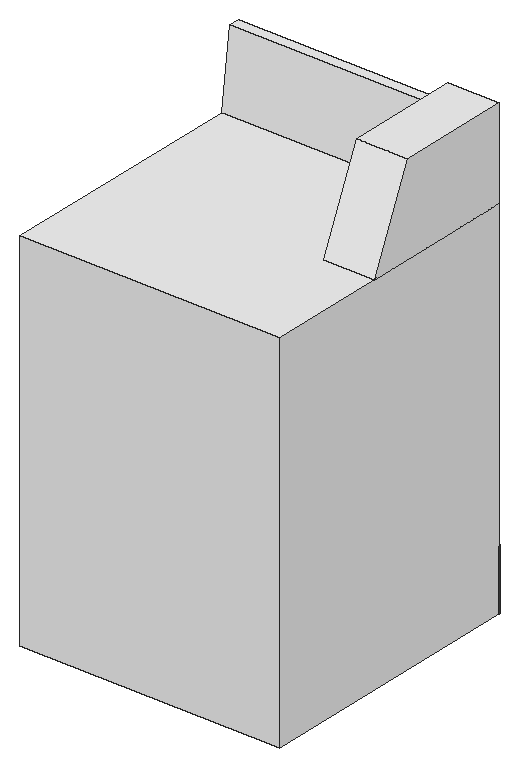
Revit family "_Front Washer", category Mechanical Equipment, Revit 2018
Family settings
  Round Connector Dimension = Use Radius
  Part Type = Normal
  OmniClass Number = 23.45.70.11.14.11
  OmniClass Title = Washing Machines
  Work Plane-Based = No
  Always vertical = Yes
  Cut with Voids When Loaded = No
  Shared = No
  Room Calculation Point = No
Parameters (values of type "MAT12PD")
  Water_Pressure = "0"
  Water_Flow_Rate = "0"
  Warranty Duration (Years) = 0
  Three Phase = 0 VA
  Single Phase = 0 VA
  VOLTAGE = 240 V
  URL = "http://www.continentalgirbau.com"
  Trim Material = Painted Metal - Black
  Test Data = ""
  Specification = "http://www.arcat.com/sd/clients/cogirbau.html?coid=44467"
  SpecWizard = "http://www.arcat.com/specwizard/11110con/index.htm?mf=&coid=44467"
  Shell Material = Stainless Steel
  Send Message = "http://admin.arcat.com/users.pl?action=UserEmail&company=Continental%20Girbau,%20Inc.&coid=44467&rep=132&fax=920-231-4666 &mf="
  Sales Information = ""
  Product Properties = "http://www.arcat.com/bim/bim_info.pl?fn=Commercial_Washer"
  Product Data = "http://www.arcat.com/arcatcos/cos44/arc44467.html"
  Perf_WashSpeed = "44/67 rpm"
  Perf_SpinSpeed = "710/473 rpm"
  Perf_G-Force = "2.3/93 G"
  OpeningCL = DoorOpening / 2  # 7 7/8"
  Model = "H-Series"
  Mech_steam = 1/2"
  Mech_Steam-Pressure = "29-87 psi"
  Mech_Steam-Flow = "0"
  Mech_HW = 3/8"
  Mech_CW = 3/8"
  MechWaste = 3/8"
  Manufacturer Website = "http://www.continentalgirbau.com"
  Manufacturer Phone - Toll Free = "800-256-1073 "
  Manufacturer Phone = "920-231-8222 "
  Manufacturer Fax = "920-231-4666 "
  Manufacturer Address = "2500 State Rd. 44; Oshkosh; WI 54904\r\n"
  Manufacturer = "Continental Girbau, Inc.\r\n"
  Maintenance Schedule (Months) = 0
  MachWidth = 25 1/2"
  MachHeight = 36"
  MachDepth = 26 3/4"
  LwrPanHt = MachHeight / 3  # 12"
  Keynote = "11 23 00"
  Installation-Fabrication = ""
  Installation Phase = "Interior Fittings"
  InstWidth = 19 69/256"
  Height of Back Panel = 43 1/4"
  Height at Coin Insert = 44 7/8"
  Green Building-LEED = "http://www.arcat.com/green/clients/leed_data_44467.html"
  GlassCL = OpeningCL - 2"  # 5 7/8"
  Fr_FaceWdth = MachWidth / 6  # 4 1/4"
  Expected Lifespan (Years) = 0
  Drawn By = "Robert S. Weygant, CSI, CDT, SCIP"
  DoorOpening = 15 3/4"
  DoorHeight = 18"
  Description = "Commercial Washer"
  Cyl_Diam = CylRad * 2  # 12"
  Cyl_Depth = 21"
  CylRad = 6"
  Copyright = "2009, ARCAT, Inc."  # constant formula
  Construction Details = "http://www.arcat.com/details/cogirbau/cogirbau.html?coid=44467"
  Compressed_Air_Pressure = "0"
  Compressed_Air_Flow = "0"
  Compressed_Air_Connection = 2"
  Capacity_Weight = 55
  Capacity_Volume = (3.1416 * (CylRad ^ 2)) * Cyl_Depth  # 0.03892 m³
  Building Codes = ""
  Assembly Code = "E1010610"
Types (3): name | VOLTAGE | Mech_HW | Mech_CW | MechWaste | MachWidth | MachDepth | Height of Back Panel | Height at Coin Insert | Fr_FaceWdth
  (no name) | 240 V | 3/8" | 3/8" | 3/8" | 25 1/2" | 26 3/4" | 43 1/4" | 44 7/8" | 4 1/4"
  MAH21PD & MAH20PD | 120 V | 3/4" | 3/4" | 3/4" | 27" | 28 1/4" | 41 3/4" | 44 1/8" | 4 1/2"
  MAT12PD | 240 V | 3/8" | 3/8" | 3/8" | 25 1/2" | 26 3/4" | 43 1/4" | 44 7/8" | 4 1/4"
Reference planes (in)
  plane 1 "Front": y = 0
  plane 2: z = 0
  plane 3 "Center (Left/Right)": x = 4.36029
  plane 4: x = -8.38971
  plane 5: x = 17.11029
  plane 6: y = 26.75
  plane 7: z = 36
  plane 8: z = 25.875
  plane 9: z = 18
  plane 10 "DoorFront": y = 2
  plane 11: y = 23
  plane 12: z = 43.25
  plane 13: z = 44.875
Forms (in)
  Extrusion 1, solid, material "Stainless Steel" <- "Shell Material"
    sketch origin (0, 0, 0) x (1, 0, 0) y (0, 1, 0)
      loop
        line (-8.38971, 0) -> (17.11029, 0) -> (17.11029, 26.75) -> (-8.38971, 26.75) -> (-8.38971, 0)
    from 0 to 36
  Extrusion 2, solid, material "Painted Metal - Black"
    sketch origin (-60, 26.75, 48) x (-1, 0, 0) y (0, 0, 1)
      loop
        line (-77.11029, -48) -> (-71.11029, -48) -> (-71.11029, -42) -> (-77.11029, -42) -> (-77.11029, -48)
    from 0.125 to 0
  Extrusion 3, solid, material "Painted Metal - Black"
    sketch origin (-60, 26.75, 48) x (-1, 0, 0) y (0, 0, 1)
      loop
        line (-67.36029, -30) -> (-67.36029, -36) -> (-61.36029, -36) -> (-61.36029, -30) -> (-67.36029, -30)
    from 0.125 to 0
  Extrusion 4, solid, material "Painted Metal - Black"
    sketch origin (-60, 26.75, 48) x (-1, 0, 0) y (0, 0, 1)
      loop
        line (-71.17279, -13) -> (-71.17279, -19) -> (-65.17279, -19) -> (-65.17279, -13) -> (-71.17279, -13)
    from 0.125 to 0
  Extrusion 5, solid, material "Painted Metal - Black"
    sketch origin (-60, 26.75, 48) x (-1, 0, 0) y (0, 0, 1)
      loop
        line (-61.17279, -13) -> (-61.17279, -19) -> (-55.17279, -19) -> (-55.17279, -13) -> (-61.17279, -13)
    from 0.125 to 0
  Extrusion 6, solid, material "Stainless Steel" <- "Shell Material"
    sketch origin (4.36029, 0, 0) x (0, 1, 0) y (0, 0, 1)
      loop
        line (26.75, 36) -> (26.75, 43.25) -> (25.65625, 43.25) -> (24.75, 36) -> (26.75, 36)
    from -12.75 to 12.75
  Extrusion 7, solid, material "Stainless Steel" <- "Shell Material"
    sketch origin (17.11029, 0, 0) x (0, 1, 0) y (0, 0, 1)
      loop
        line (26.75, 36) -> (26.75, 44.875) -> (15.69171, 44.875) -> (11.55323, 36) -> (26.75, 36)
    from -5 to 0
Cuts and joins
  joined: Extrusion 6, Extrusion 7
Lines and regions (in)
  Split face 1
    outline origin (4.36029, 25.65625, 43.25) x (0, -0.124035, -0.992278) y (1, 0, 0)
      loop
        line (0.8051, -11.75) -> (6.54926, -11.75) -> (6.54926, 11.75) -> (0.8051, 11.75) -> (0.8051, -11.75)
Dimensions and locks (in)
  "MachWidth": plane 4 to plane 5
  "MachDepth": plane 1 "Front" to plane 6
  equal spacing: plane 4, plane 3 "Center (Left/Right)", plane 5
  "MachHeight": plane 7 to plane 2
  "DoorHeight": plane 9 to plane 2
  "OpeningCL": plane 8 to plane 9
  "Cyl_Depth": plane 11 to plane 10 "DoorFront"
  locked: Extrusion 2 sketch curve to Extrusion 2 sketch curve at 6
  level to Extrusion 2 = 6"
  locked: Extrusion 3 sketch curve to Extrusion 3 sketch curve at 6  (x2)
  equal spacing: Extrusion 3 sketch curve, plane 3 "Center (Left/Right)", Extrusion 3 sketch curve
  locked: Extrusion 4 sketch curve to Extrusion 4 sketch curve at 6  (x2)
  Extrusion 4 sketch curve to Extrusion 4 sketch curve = 6"
  locked: Extrusion 5 sketch curve to Extrusion 5 sketch curve at 6  (x2)
  Extrusion 5 sketch curve to Extrusion 5 sketch curve = 6"
  Extrusion 6 sketch curve to plane 7 = 7 1/4"
  Extrusion 7 sketch curve to plane 7 = 8 7/8"
  Extrusion 6 to level = 43 1/4"
  Extrusion 7 to level = 44 7/8"
  "Height at Coin Insert": plane 13 to plane 2
  "Height of Back Panel": plane 12 to plane 2
  aligned and locked: plane 4 to Extrusion 1
  aligned and locked: plane 5 to Extrusion 1
  aligned and locked: plane 1 "Front" to Extrusion 1
  aligned and locked: plane 6 to Extrusion 1
  aligned and locked: plane 7 to Extrusion 1
  aligned and locked: level to Extrusion 2 sketch curve
  aligned and locked: plane 5 to Extrusion 2 sketch curve
  aligned and locked: Extrusion 2 to plane 6
  aligned and locked: Extrusion 3 to plane 6
  aligned and locked: Extrusion 6 to plane 5
  aligned and locked: Extrusion 6 to plane 4
  aligned and locked: plane 7 to Extrusion 6 sketch curve
  aligned and locked: Extrusion 6 sketch curve to plane 6
  aligned and locked: plane 13 to cut or joined group of Extrusion 6, Extrusion 7
  aligned and locked: plane 12 to cut or joined group of Extrusion 6, Extrusion 7
  aligned and locked: Extrusion 4 to Extrusion 1
  aligned and locked: Extrusion 5 to Extrusion 1
Automatic sketch dimensions
  Extrusion 1 sketch curve to plane 4 = 0"
  Extrusion 1 sketch curve to plane 5 = 0"
  Extrusion 1 sketch curve to plane 6 = 0"
  Extrusion 6 sketch curve to plane 6 = 1 3/32"
  Extrusion 6 sketch curve to plane 6 = 2"
  Extrusion 6 to Split face 1 sketch curve = 0.8051"
  Split face 1 sketch curve to Extrusion 6 = 0.75716"
  Split face 1 sketch curve to Extrusion 6 = 1"  (x2)
  Extrusion 1 sketch curve to plane 1 "Front" = 0"
  Extrusion 1 to Extrusion 7 sketch curve = 0"
  Extrusion 7 sketch curve to Extrusion 1 = 0"
  Extrusion 7 sketch curve to Extrusion 1 = 11.05829"
  Extrusion 7 sketch curve to Extrusion 7 sketch curve = 4.13848"
  Extrusion 5 sketch curve to plane 3 "Center (Left/Right)" = 3 3/16"
  plane 8 to Extrusion 5 sketch curve = 3 1/8"
  plane 5 to Extrusion 4 sketch curve = 5 15/16"
  plane 8 to Extrusion 4 sketch curve = 3 1/8"
  Extrusion 3 sketch curve to plane 9 = 0"
  Extrusion 2 sketch curve to Extrusion 2 sketch curve = 6"
Connectors (in)
  piping at (4.36029, 26.875, 15), diameter 0.75, driven by "MechWaste"
    settings: on Extrusion 3, index 1, connector inside diameter 6", connector length 0", flow factor 0, pipe flow 0 GPM, pressure drop 0.00 psi, fitting loss kfactor 0, connector angle 0.00°, fixture units 0, engagement length 0", angle of deflection 0.00°, flow configuration 0, flow direction 2, fitting loss method 0, system type 16, joint type 0, gender type 0, connector reference index -1, connector utility 0, adjustable connector no, is connector primary yes, connector description "MECHANICAL WASTE"
  piping at (8.17279, 26.875, 32), diameter 0.75, driven by "Mech_HW"
    settings: on Extrusion 4, index 2, connector inside diameter 1 1/2", connector length 0", flow factor 0, pipe flow 0 GPM, pressure drop 0.00 psi, fitting loss kfactor 0, connector angle 0.00°, fixture units 0, engagement length 0", angle of deflection 0.00°, flow configuration 0, flow direction 0, fitting loss method 0, system type 19, joint type 0, gender type 0, connector reference index -1, connector utility 0, adjustable connector no, is connector primary no, connector description "MECH HW"
  piping at (-1.82721, 26.875, 32), diameter 0.75, driven by "Mech_CW"
    settings: on Extrusion 5, index 3, connector inside diameter 1 1/2", connector length 0", flow factor 0, pipe flow 0 GPM, pressure drop 0.00 psi, fitting loss kfactor 0, connector angle 0.00°, fixture units 0, engagement length 0", angle of deflection 0.00°, flow configuration 0, flow direction 0, fitting loss method 0, system type 20, joint type 0, gender type 0, connector reference index -1, connector utility 0, adjustable connector no, is connector primary no, connector description "MECH CW"
  electrical at (14.11029, 26.875, 3), driven by "VOLTAGE", driven by "Single Phase", driven by "Three Phase"
    settings: on Extrusion 2, index 4, voltage 240 V, apparent load 0 VA, apparent load phase1 0 VA, apparent load phase2 0 VA, apparent load phase3 0 VA, power factor 1, load classification "Other", number of poles 3, system type 31, power factor state 1, is connector primary yes, connector utility no, sub classification motor no, connector description "POWER"
